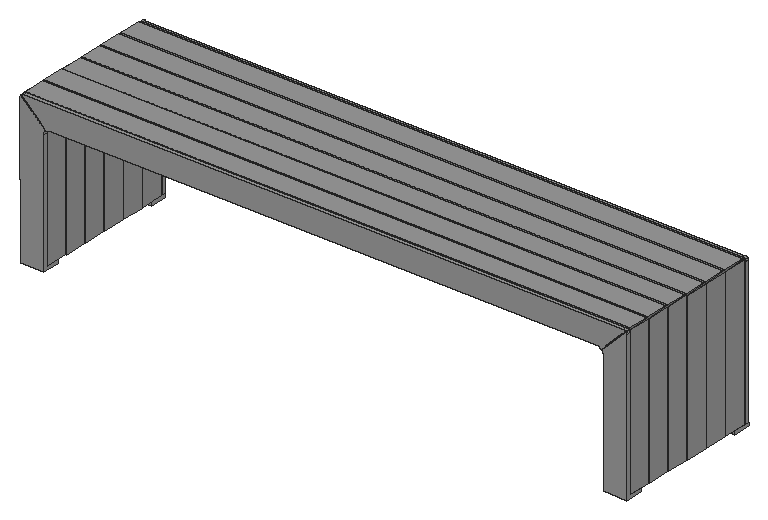
Revit family "Скамейка стальная «Фергана» без спинки Арт 27134", category Антураж, Revit 2018
Family settings
  На основе рабочей плоскости = Нет
  Всегда вертикально = Да
  При загрузке вырезать с полостями = Нет
  Источник визуального образа = Геометрия семейства
  Общий = Нет
  Точка расчета площади = Нет
Parameters (values of type "Скамейка стальная «Фергана» без спинки")
  Ширина = 450 mm  # constant formula
  Цвет сидения = Дерево
  Цвет основания = Сталь
  Описание = "Скамейка стальная «Фергана» без спинки"  # constant formula
  Материал изделия = "Сталь, дерево"  # constant formula
  Изображение типоразмера = Скамейка стальная «Фергана» без спинки Арт 27134.jpg
  Изготовитель = "ООО «Хоббика»"  # constant formula
  Длина = 1800 mm  # constant formula
  Группа модели = "Скамейки"  # constant formula
  Высота = 450 mm  # constant formula
  Артикул товара = "Арт. 27134"  # constant formula
  URL = "https://hobbyka.ru/product/skameyka_stalnaya_fergana_bez_spinki/"
Reference planes
  plane 1 "По центру (Вперед/Назад)": y = 0
  plane 2: z = 0
  plane 3 "По центру (Влево/Вправо)": x = 0
  plane 4: x = 1800
  plane 5: y = 450
  plane 6: z = 450
Forms (mm)
  Extrusion 1, solid, material "Сталь" <- "Цвет основания"
    sketch origin (0, 0, 0) x (1, 0, 0) y (0, 0, 1)
      loop
        line (0, 0) -> (70, 0) -> (70, 365)
        arc (70, 365) -> (71.142, 370.74) -> (74.393, 375.607) r 15
        line (74.393, 375.607) -> (2.929, 447.071)
        arc (2.929, 447.071) -> (0.761, 443.827) -> (0, 440) r 10
        line (0, 440) -> (0, 0)
      loop
        line (1800, 0) -> (1800, 440)
        arc (1800, 440) -> (1799.239, 443.827) -> (1797.071, 447.071) r 10
        line (1797.071, 447.071) -> (1725.607, 375.607)
        arc (1725.607, 375.607) -> (1728.858, 370.74) -> (1730, 365) r 15
        line (1730, 365) -> (1730, 0) -> (1800, 0)
    from 0 to -10
  Extrusion 2, solid, material "Сталь" <- "Цвет основания"
    sketch origin (0, 0, 0) x (1, 0, 0) y (0, 0, 1)
      loop
        line (0, 0) -> (70, 0) -> (70, 10) -> (0, 10) -> (0, 0)
      loop
        line (1730, 0) -> (1800, 0) -> (1800, 10) -> (1730, 10) -> (1730, 0)
    from 0 to -50
  Extrusion 3, solid, material "Сталь" <- "Цвет основания"
    sketch origin (0, 0, 0) x (1, 0, 0) y (0, 0, 1)
      loop
        arc (10, 450) -> (6.173, 449.239) -> (2.929, 447.071) r 10
        line (2.929, 447.071) -> (74.393, 375.607)
        arc (74.393, 375.607) -> (79.26, 378.858) -> (85, 380) r 15
        line (85, 380) -> (1715, 380)
        arc (1715, 380) -> (1720.74, 378.858) -> (1725.607, 375.607) r 15
        line (1725.607, 375.607) -> (1797.071, 447.071)
        arc (1797.071, 447.071) -> (1793.827, 449.239) -> (1790, 450) r 10
        line (1790, 450) -> (10, 450)
    from 0 to -10
  Extrusion 4, solid, material "Сталь" <- "Цвет основания"
    sketch origin (0, 450, 0) x (1, 0, 0) y (0, 0, -1)
      loop
        line (0, 0) -> (0, -440)
        arc (0, -440) -> (0.761, -443.827) -> (2.929, -447.071) r 10
        line (2.929, -447.071) -> (74.393, -375.607)
        arc (74.393, -375.607) -> (71.142, -370.74) -> (70, -365) r 15
        line (70, -365) -> (70, 0) -> (0, 0)
      loop
        line (1800, 0) -> (1730, 0) -> (1730, -365)
        arc (1730, -365) -> (1728.858, -370.74) -> (1725.607, -375.607) r 15
        line (1725.607, -375.607) -> (1797.071, -447.071)
        arc (1797.071, -447.071) -> (1799.239, -443.827) -> (1800, -440) r 10
        line (1800, -440) -> (1800, 0)
    from 0 to -10
  Extrusion 5, solid, material "Сталь" <- "Цвет основания"
    sketch origin (0, 450, 0) x (1, 0, 0) y (0, 0, -1)
      loop
        line (0, 0) -> (0, -10) -> (70, -10) -> (70, 0) -> (0, 0)
      loop
        line (1730, 0) -> (1730, -10) -> (1800, -10) -> (1800, 0) -> (1730, 0)
    from 0 to -50
  Extrusion 6, solid, material "Сталь" <- "Цвет основания"
    sketch origin (0, 450, 0) x (1, 0, 0) y (0, 0, -1)
      loop
        line (10, -450) -> (1790, -450)
        arc (1790, -450) -> (1793.827, -449.239) -> (1797.071, -447.071) r 10
        line (1797.071, -447.071) -> (1725.607, -375.607)
        arc (1725.607, -375.607) -> (1720.74, -378.858) -> (1715, -380) r 15
        line (1715, -380) -> (85, -380)
        arc (85, -380) -> (79.26, -378.858) -> (74.393, -375.607) r 15
        line (74.393, -375.607) -> (2.929, -447.071)
        arc (2.929, -447.071) -> (6.173, -449.239) -> (10, -450) r 10
    from 0 to -10
  Extrusion 7, solid, material "Дерево" <- "Цвет сидения"
    sketch origin (0, 0, 0) x (1, 0, 0) y (0, 0, 1)
      loop
        line (0, 10) -> (70, 10) -> (70, 376.464) -> (0, 446.464) -> (0, 10)
      loop
        line (1800, 10) -> (1800, 446.464) -> (1730, 376.464) -> (1730, 10) -> (1800, 10)
      loop
        line (3.536, 450) -> (73.536, 380) -> (1726.464, 380) -> (1796.464, 450) -> (3.536, 450)
    from -15 to -78.333
  Extrusion 8, solid, material "Дерево" <- "Цвет сидения"
    sketch origin (0, 0, 0) x (1, 0, 0) y (0, 0, 1)
      loop
        line (0, 10) -> (70, 10) -> (70, 376.464) -> (0, 446.464) -> (0, 10)
      loop
        line (1800, 10) -> (1800, 446.464) -> (1730, 376.464) -> (1730, 10) -> (1800, 10)
      loop
        line (3.536, 450) -> (73.536, 380) -> (1726.464, 380) -> (1796.464, 450) -> (3.536, 450)
    from -83.333 to -149.167
  Extrusion 9, solid, material "Дерево" <- "Цвет сидения"
    sketch origin (0, 0, 0) x (1, 0, 0) y (0, 0, 1)
      loop
        line (0, 10) -> (70, 10) -> (70, 376.464) -> (0, 446.464) -> (0, 10)
      loop
        line (1800, 10) -> (1800, 446.464) -> (1730, 376.464) -> (1730, 10) -> (1800, 10)
      loop
        line (3.536, 450) -> (73.536, 380) -> (1726.464, 380) -> (1796.464, 450) -> (3.536, 450)
    from -154.167 to -220
  Extrusion 10, solid, material "Дерево" <- "Цвет сидения"
    sketch origin (0, 0, 0) x (1, 0, 0) y (0, 0, 1)
      loop
        line (0, 10) -> (70, 10) -> (70, 376.464) -> (0, 446.464) -> (0, 10)
      loop
        line (1800, 10) -> (1800, 446.464) -> (1730, 376.464) -> (1730, 10) -> (1800, 10)
      loop
        line (3.536, 450) -> (73.536, 380) -> (1726.464, 380) -> (1796.464, 450) -> (3.536, 450)
    from -225 to -290.833
  Extrusion 11, solid, material "Дерево" <- "Цвет сидения"
    sketch origin (0, 0, 0) x (1, 0, 0) y (0, 0, 1)
      loop
        line (0, 10) -> (70, 10) -> (70, 376.464) -> (0, 446.464) -> (0, 10)
      loop
        line (1800, 10) -> (1800, 446.464) -> (1730, 376.464) -> (1730, 10) -> (1800, 10)
      loop
        line (3.536, 450) -> (73.536, 380) -> (1726.464, 380) -> (1796.464, 450) -> (3.536, 450)
    from -295.833 to -361.667
  Extrusion 12, solid, material "Дерево" <- "Цвет сидения"
    sketch origin (0, 0, 0) x (1, 0, 0) y (0, 0, 1)
      loop
        line (0, 10) -> (70, 10) -> (70, 376.464) -> (0, 446.464) -> (0, 10)
      loop
        line (1800, 10) -> (1800, 446.464) -> (1730, 376.464) -> (1730, 10) -> (1800, 10)
      loop
        line (3.536, 450) -> (73.536, 380) -> (1726.464, 380) -> (1796.464, 450) -> (3.536, 450)
    from -366.667 to -435
Cuts and joins
  joined: Extrusion 1, Extrusion 2
Dimensions and locks
  "Длина": plane 3 "По центру (Влево/Вправо)" to plane 4
  "Ширина": plane 5 to plane 1 "По центру (Вперед/Назад)"
  "Высота": plane 6 to level
  aligned and locked: level to plane 2
Automatic sketch dimensions
  Extrusion 1 sketch curve to plane 3 "По центру (Влево/Вправо)" = 0 mm
  Extrusion 1 sketch curve to level = 0 mm  (x2)
  Extrusion 1 sketch curve to plane 4 = 0 mm
  plane 3 "По центру (Влево/Вправо)" to Extrusion 1 sketch curve = 2.929 mm
  Extrusion 1 sketch curve to Extrusion 1 sketch curve = 10 mm  (x2)
  Extrusion 1 sketch curve to Extrusion 1 sketch curve = 70 mm
  Extrusion 1 sketch curve to Extrusion 1 sketch curve = 4.393 mm  (x2)
  Extrusion 1 sketch curve to Extrusion 1 sketch curve = 10.607 mm  (x2)
  Extrusion 1 sketch curve to plane 4 = 85 mm
  Extrusion 1 sketch curve to plane 4 = 2.929 mm
  Extrusion 1 sketch curve to plane 6 = 85 mm  (x2)
  Extrusion 1 sketch curve to plane 6 = 10 mm  (x2)
  Extrusion 2 sketch curve to plane 3 "По центру (Влево/Вправо)" = 0 mm
  Extrusion 2 sketch curve to level = 0 mm  (x2)
  Extrusion 2 sketch curve to plane 4 = 0 mm
  level to Extrusion 2 sketch curve = 10 mm  (x2)
  plane 3 "По центру (Влево/Вправо)" to Extrusion 2 sketch curve = 70 mm
  Extrusion 2 sketch curve to Extrusion 2 sketch curve = 70 mm
  Extrusion 3 sketch curve to plane 6 = 0 mm
  plane 3 "По центру (Влево/Вправо)" to Extrusion 3 sketch curve = 2.929 mm
  Extrusion 3 sketch curve to Extrusion 3 sketch curve = 7.071 mm
  plane 3 "По центру (Влево/Вправо)" to Extrusion 3 sketch curve = 74.393 mm
  Extrusion 3 sketch curve to Extrusion 3 sketch curve = 10.607 mm  (x2)
  Extrusion 3 sketch curve to plane 4 = 85 mm
  Extrusion 3 sketch curve to plane 4 = 10 mm
  Extrusion 3 sketch curve to plane 4 = 2.929 mm
  Extrusion 3 sketch curve to plane 6 = 2.929 mm  (x2)
  Extrusion 3 sketch curve to plane 6 = 70 mm
  Extrusion 3 sketch curve to Extrusion 3 sketch curve = 4.393 mm  (x2)
  Extrusion 4 sketch curve to plane 3 "По центру (Влево/Вправо)" = 0 mm
  Extrusion 4 sketch curve to level = 0 mm  (x2)
  Extrusion 4 sketch curve to plane 4 = 0 mm
  plane 3 "По центру (Влево/Вправо)" to Extrusion 4 sketch curve = 2.929 mm
  Extrusion 4 sketch curve to Extrusion 4 sketch curve = 10 mm  (x2)
  Extrusion 4 sketch curve to Extrusion 4 sketch curve = 70 mm
  Extrusion 4 sketch curve to Extrusion 4 sketch curve = 4.393 mm  (x2)
  Extrusion 4 sketch curve to Extrusion 4 sketch curve = 10.607 mm  (x2)
  Extrusion 4 sketch curve to plane 4 = 85 mm
  Extrusion 4 sketch curve to plane 4 = 2.929 mm
  Extrusion 4 sketch curve to plane 6 = 85 mm  (x2)
  Extrusion 4 sketch curve to plane 6 = 10 mm  (x2)
  Extrusion 5 sketch curve to plane 3 "По центру (Влево/Вправо)" = 0 mm
  Extrusion 5 sketch curve to level = 0 mm  (x2)
  Extrusion 5 sketch curve to plane 4 = 0 mm
  level to Extrusion 5 sketch curve = 10 mm  (x2)
  plane 3 "По центру (Влево/Вправо)" to Extrusion 5 sketch curve = 70 mm
  Extrusion 5 sketch curve to Extrusion 5 sketch curve = 70 mm
  Extrusion 6 sketch curve to plane 6 = 0 mm
  plane 3 "По центру (Влево/Вправо)" to Extrusion 6 sketch curve = 2.929 mm
  Extrusion 6 sketch curve to Extrusion 6 sketch curve = 7.071 mm
  plane 3 "По центру (Влево/Вправо)" to Extrusion 6 sketch curve = 74.393 mm
  Extrusion 6 sketch curve to Extrusion 6 sketch curve = 10.607 mm  (x2)
  Extrusion 6 sketch curve to plane 4 = 85 mm
  Extrusion 6 sketch curve to plane 4 = 10 mm
  Extrusion 6 sketch curve to plane 4 = 2.929 mm
  Extrusion 6 sketch curve to plane 6 = 2.929 mm  (x2)
  Extrusion 6 sketch curve to plane 6 = 70 mm
  Extrusion 6 sketch curve to Extrusion 6 sketch curve = 4.393 mm  (x2)
  Extrusion 7 sketch curve to plane 3 "По центру (Влево/Вправо)" = 0 mm
  Extrusion 7 sketch curve to plane 6 = 0 mm
  Extrusion 7 sketch curve to plane 4 = 0 mm
  plane 3 "По центру (Влево/Вправо)" to Extrusion 7 sketch curve = 3.536 mm
  plane 3 "По центру (Влево/Вправо)" to Extrusion 7 sketch curve = 70 mm
  Extrusion 7 sketch curve to Extrusion 7 sketch curve = 3.536 mm  (x2)
  Extrusion 7 sketch curve to plane 4 = 73.536 mm
  level to Extrusion 7 sketch curve = 10 mm  (x2)
  Extrusion 7 sketch curve to Extrusion 7 sketch curve = 70 mm
  Extrusion 7 sketch curve to plane 4 = 3.536 mm
  Extrusion 7 sketch curve to plane 6 = 73.536 mm  (x2)
  Extrusion 7 sketch curve to plane 6 = 3.536 mm  (x2)
  Extrusion 8 sketch curve to plane 3 "По центру (Влево/Вправо)" = 0 mm
  Extrusion 8 sketch curve to plane 6 = 0 mm
  Extrusion 8 sketch curve to plane 4 = 0 mm
  plane 3 "По центру (Влево/Вправо)" to Extrusion 8 sketch curve = 3.536 mm
  plane 3 "По центру (Влево/Вправо)" to Extrusion 8 sketch curve = 70 mm
  Extrusion 8 sketch curve to Extrusion 8 sketch curve = 3.536 mm  (x2)
  Extrusion 8 sketch curve to plane 4 = 73.536 mm
  level to Extrusion 8 sketch curve = 10 mm  (x2)
  Extrusion 8 sketch curve to Extrusion 8 sketch curve = 70 mm
  Extrusion 8 sketch curve to plane 4 = 3.536 mm
  Extrusion 8 sketch curve to plane 6 = 73.536 mm  (x2)
  Extrusion 8 sketch curve to plane 6 = 3.536 mm  (x2)
  Extrusion 9 sketch curve to plane 3 "По центру (Влево/Вправо)" = 0 mm
  Extrusion 9 sketch curve to plane 6 = 0 mm
  Extrusion 9 sketch curve to plane 4 = 0 mm
  plane 3 "По центру (Влево/Вправо)" to Extrusion 9 sketch curve = 3.536 mm
  plane 3 "По центру (Влево/Вправо)" to Extrusion 9 sketch curve = 70 mm
  Extrusion 9 sketch curve to Extrusion 9 sketch curve = 3.536 mm  (x2)
  Extrusion 9 sketch curve to plane 4 = 73.536 mm
  level to Extrusion 9 sketch curve = 10 mm  (x2)
  Extrusion 9 sketch curve to Extrusion 9 sketch curve = 70 mm
  Extrusion 9 sketch curve to plane 4 = 3.536 mm
  Extrusion 9 sketch curve to plane 6 = 73.536 mm  (x2)
  Extrusion 9 sketch curve to plane 6 = 3.536 mm  (x2)
  Extrusion 10 sketch curve to plane 3 "По центру (Влево/Вправо)" = 0 mm
  Extrusion 10 sketch curve to plane 6 = 0 mm
  Extrusion 10 sketch curve to plane 4 = 0 mm
  plane 3 "По центру (Влево/Вправо)" to Extrusion 10 sketch curve = 3.536 mm
  plane 3 "По центру (Влево/Вправо)" to Extrusion 10 sketch curve = 70 mm
  Extrusion 10 sketch curve to Extrusion 10 sketch curve = 3.536 mm  (x2)
  Extrusion 10 sketch curve to plane 4 = 73.536 mm
  level to Extrusion 10 sketch curve = 10 mm  (x2)
  Extrusion 10 sketch curve to Extrusion 10 sketch curve = 70 mm
  Extrusion 10 sketch curve to plane 4 = 3.536 mm
  Extrusion 10 sketch curve to plane 6 = 73.536 mm  (x2)
  Extrusion 10 sketch curve to plane 6 = 3.536 mm  (x2)
  Extrusion 11 sketch curve to plane 3 "По центру (Влево/Вправо)" = 0 mm
  Extrusion 11 sketch curve to plane 6 = 0 mm
  Extrusion 11 sketch curve to plane 4 = 0 mm
  plane 3 "По центру (Влево/Вправо)" to Extrusion 11 sketch curve = 3.536 mm
  plane 3 "По центру (Влево/Вправо)" to Extrusion 11 sketch curve = 70 mm
  Extrusion 11 sketch curve to Extrusion 11 sketch curve = 3.536 mm  (x2)
  Extrusion 11 sketch curve to plane 4 = 73.536 mm
  level to Extrusion 11 sketch curve = 10 mm  (x2)
  Extrusion 11 sketch curve to Extrusion 11 sketch curve = 70 mm
  Extrusion 11 sketch curve to plane 4 = 3.536 mm
  Extrusion 11 sketch curve to plane 6 = 73.536 mm  (x2)
  Extrusion 11 sketch curve to plane 6 = 3.536 mm  (x2)
  Extrusion 12 sketch curve to plane 3 "По центру (Влево/Вправо)" = 0 mm
  Extrusion 12 sketch curve to plane 6 = 0 mm
  Extrusion 12 sketch curve to plane 4 = 0 mm
  plane 3 "По центру (Влево/Вправо)" to Extrusion 12 sketch curve = 3.536 mm
  plane 3 "По центру (Влево/Вправо)" to Extrusion 12 sketch curve = 70 mm
  Extrusion 12 sketch curve to Extrusion 12 sketch curve = 3.536 mm  (x2)
  Extrusion 12 sketch curve to plane 4 = 73.536 mm
  level to Extrusion 12 sketch curve = 10 mm  (x2)
  Extrusion 12 sketch curve to Extrusion 12 sketch curve = 70 mm
  Extrusion 12 sketch curve to plane 4 = 3.536 mm
  Extrusion 12 sketch curve to plane 6 = 73.536 mm  (x2)
  Extrusion 12 sketch curve to plane 6 = 3.536 mm  (x2)
